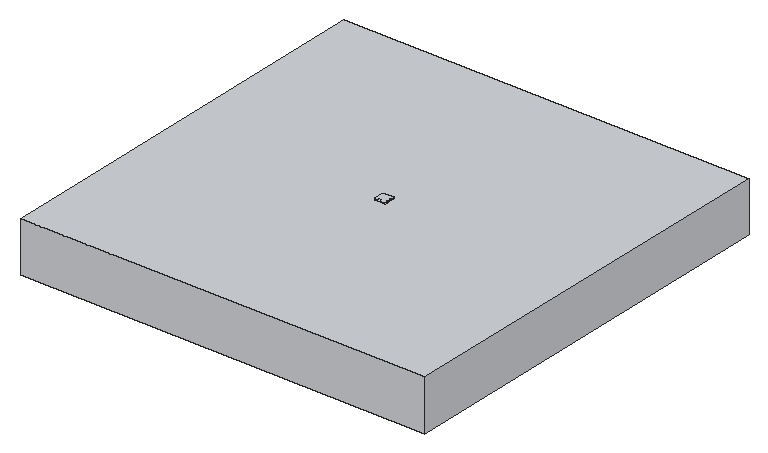
Revit family "Gira_019000", category Allgemeines Modell, Revit 2017
Family settings
  Basisbauteil = Fläche
  Kann Basisbauteil für Bewehrung sein = Nein
  Bemaßung runder Anschluss = Durchmesser verwenden
  Teiletyp = Normal
  Beim Laden mit Abzugskörper schneiden = Nein
  Gemeinsam genutzt = Nein
  Raumberechnungspunkt = Nein
Parameters
  With mounting plate = no
  With memory function = no
  With lighting = no
  With label area = no
  With glass breaking detector connection = no
  With dust cover = no
  With brightness sensor connection = no
  With N-busbar = no
  With LED indication = no
  With Astro program = no
  Wiring system = "Intermediate switch"
  Washing machine switch = no
  Default Elevation = 1219.2 mm
  URL = "https://www.gira.de/"
  Typname = "UAE/IAE conn.box 2 x 8-p 8/8 ST Insert"
  Type of load = "Universal"
  Type of lighting = "Not included"
  Type of fastening = "Screwing"
  Transparent = no
  Through loss at 860 MHz [B] = 0.1
  Through loss at 2150 MHz [B] = 0.1
  Temperature [Kelvin] = "[5:45]"
  Switch-off protection = no
  Surface protection = "Other"
  Surface finishing = "Not applicable"
  Suitable for wire wound low voltage transformer = yes
  Suitable for wind sensor = no
  Suitable for staircase time switch = no
  Suitable for rain sensor = no
  Suitable for fluorescent tube/energy-saving lamp = yes
  Suitable for electronic low voltage transformer = yes
  Suitable for degree of protection (IP) = "IP20"
  Suitable for 230 V incandescent lamp/halogen lamp = yes
  Substation input = yes
  Shielded housing = no
  Shielded buses = yes
  Serial dimmer = no
  Separate strain relief = no
  Rated current = 10 A
  Random generator = no
  Push button switch = no
  Productwebsite = "http://katalog.gira.de/en/datenblatt.html?artikelnr=019000"
  Output voltage [Volt] = 5
  Other bus systems = "None"
  Operating voltage [Volt] = "[110:240]"
  Only suitable as substation = no
  Number of rockers = 1
  Number of outputs = 2
  Number of modules (module system) = 1
  Number of buttons = 2
  Nominal voltage [Volt] 3 = "[230:230]"
  Nominal voltage [Volt] 2 = "[230:230]"
  Nominal voltage [Volt] = 250
  Mounting method shielding connection = "None"
  Mounting method = "Flush mounted (plaster)"
  Model = "1-pole switch"
  Min. depth of built-in installation box [m] = 0.024
  Method of operation = "Rocker"
  Mechanical controllable = yes
  Mechanical coding = no
  Max. switching power [Voltampere] = 1000
  Max. output current = 1.4 A
  Material quality = "Other"
  Material = "Other"
  Light value memory = no
  Label space/information surface 7 = "No"
  Label space/information surface 6 = "No"
  Label space/information surface 5 = "No"
  Label space/information surface 4 = "No"
  Label space/information surface = no
  Integrated timer = no
  Input for substation = no
  Imprint = "None"
  Illumination = "Yes"
  Hersteller = "Gira"
  Halogen free = no
  HAN = "019000"
  GTIN = "4010337190004"
  Function lighting = "Illuminated (on)"
  Frequency [Hz] = "[50:60]"
  Forced switch off = no
  Feedback-signal contact = no
  Electronic controllable = no
  Electrical and mechanical locking = yes
  Dimming phase cut-on = yes
  Dimming phase cut-off = yes
  Degree of protection (IP) = "IP20"
  Data sheet = "https://katalog.gira.de/en/download.html?artikelnr=019000"
  Contacts = "1 change-over contact"
  Connection type = "Screw"
  Colour coding = no
  Colour = "Other"
  Category = "3"
  Bus system radio frequent = no
  Bus system Powernet = no
  Bus system LON = no
  Bus system KNX radio = no
  Bus system KNX = yes
  Bus connection included = yes
  Beschreibung = "UAE IAE conn.box 2x8-p 8 8 Ins.,Insert for UAE IAE (ISDN) connection box Cat.3, 2-gang, 2 x 8-pole 8 8 (8 8),Screw terminals,,Features:,- UAE IAE (analogue, two call numbers possible) RJ11 12 and RJ45 8 8 (8 8) 2 x 8-pole for 6-pole and 8-pole plugs.,- 2 x 8 contacts and one supporting contact for two terminals."
  BIM = "https://media.stage.bim.site/public/gira/290f3eb/Einsatz_1fach.rfa"
  Assembly arrangement = "Basic element"
  Applicable with transmission button = no
  Applicable with time switch/timer = no
  Applicable with presence indicator = yes
  Applicable with movement sensor = yes
  Applicable with infrared button = no
  Applicable with button = yes
  App control via Bluetooth = no
Reference planes
  plane 1 "Center (Front/Back)": y = 0
  plane 2: z = 0
  plane 3 "Center (Left/Right)": x = 0
Forms (mm)
  Extrusion 1, solid
    sketch origin (0, 0, 0) x (1, 0, 0) y (0, 1, 0)
      loop
        line (-1219.2, 1219.2) -> (-1219.2, -1219.2) -> (1219.2, -1219.2) -> (1219.2, 1219.2) -> (-1219.2, 1219.2)
    from 0 to -304.8
  Extrusion 2, solid, detail levels fine
    sketch origin (0, 0, 0) x (1, 0, 0) y (0, 1, 0)
      loop
        line (27.475, 35.475) -> (-27.475, 35.475)
        arc (-27.475, 35.475) -> (-33.132, 33.132) -> (-35.475, 27.475) r 8
        line (-35.475, 27.475) -> (-35.475, -27.475)
        arc (-35.475, -27.475) -> (-33.132, -33.132) -> (-27.475, -35.475) r 8
        line (-27.475, -35.475) -> (27.475, -35.475)
        arc (27.475, -35.475) -> (33.132, -33.132) -> (35.475, -27.475) r 8
        line (35.475, -27.475) -> (35.475, 27.475)
        arc (35.475, 27.475) -> (33.132, 33.132) -> (27.475, 35.475) r 8
    from 0 to 1.8
  Extrusion 3, solid, detail levels fine
    sketch origin (0, 0, 0) x (1, 0, 0) y (0, 1, 0)
      loop
        line (9.678, 25.4) -> (-9.678, 25.4)
        arc (-9.678, 25.4) -> (-12.885, 24.922) -> (-15.814, 23.53) r 11
        arc (-15.814, 23.53) -> (-17.795, 22.07) -> (-19.641, 20.444) r 28.35
        arc (-19.641, 20.444) -> (-21.339, 18.665) -> (-22.876, 16.745) r 28.35
        arc (-22.876, 16.745) -> (-24.456, 13.666) -> (-25, 10.248) r 11
        line (-25, 10.248) -> (-25, -10.248)
        arc (-25, -10.248) -> (-24.456, -13.666) -> (-22.876, -16.745) r 11
        arc (-22.876, -16.745) -> (-20.409, -19.677) -> (-17.569, -22.25) r 28.35
        line (-17.569, -22.25) -> (17.569, -22.25)
        arc (17.569, -22.25) -> (20.409, -19.677) -> (22.876, -16.745) r 28.35
        arc (22.876, -16.745) -> (24.456, -13.666) -> (25, -10.248) r 11
        line (25, -10.248) -> (25, 10.248)
        arc (25, 10.248) -> (24.456, 13.666) -> (22.876, 16.745) r 11
        arc (22.876, 16.745) -> (21.593, 18.37) -> (20.195, 19.897) r 28.35
        arc (20.195, 19.897) -> (18.096, 21.823) -> (15.814, 23.53) r 28.35
        arc (15.814, 23.53) -> (12.885, 24.922) -> (9.678, 25.4) r 11
    from 0 to -22
  Extrusion 4, solid, detail levels medium
    sketch origin (0, 0, 0) x (1, 0, 0) y (0, 1, 0)
      loop
        line (-25, 25.4) -> (-25, -22.25) -> (25, -22.25) -> (25, 25.4) -> (-25, 25.4)
    from 0 to -22
  Extrusion 5, solid, detail levels coarse
    sketch origin (0, 0, 0) x (1, 0, 0) y (0, 1, 0)
      loop
        line (35.475, 35.475) -> (-35.475, 35.475) -> (-35.475, -35.475) -> (35.475, -35.475) -> (35.475, 35.475)
    from -22 to 1.8
  Extrusion 6, solid, detail levels medium
    sketch origin (0, 0, 0) x (1, 0, 0) y (0, 1, 0)
      loop
        line (35.475, 35.475) -> (-35.475, 35.475) -> (-35.475, -35.475) -> (35.475, -35.475) -> (35.475, 35.475)
    from 0 to 1.8
Dimensions and locks
  aligned and locked: plane 2 to Extrusion 1
  aligned and locked: level to Extrusion 1
Connectors
  electrical at (0, 0, -22)
    settings: on Extrusion 5, index 1, voltage 220 V, apparent load 0 VA, apparent load phase1 0 VA, apparent load phase2 0 VA, apparent load phase3 0 VA, power factor 1, load classification "Other", number of poles 1, system type 30, power factor state 1, is connector primary yes, connector utility no, sub classification motor no, connector description ""
